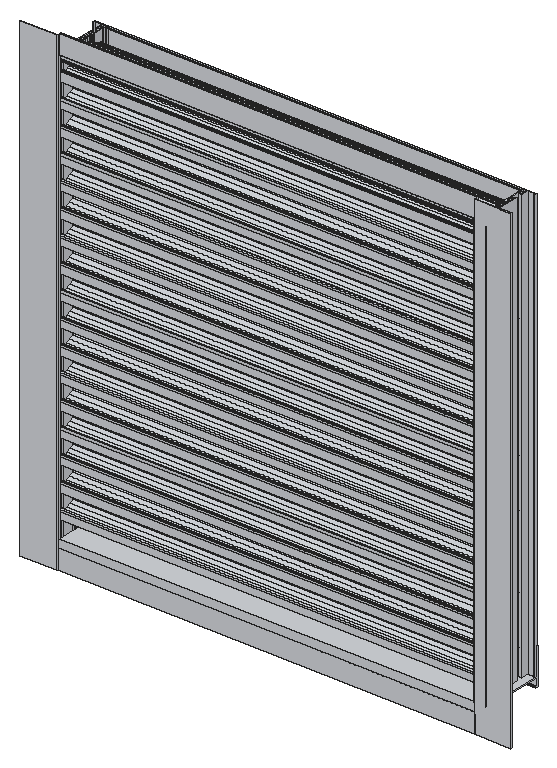
Revit family "BRSED-5.1", category Mechanical Equipment, Revit 2015
Parameters
  URL = "https://unitedenertech.com/catalog/pdf/A_19i%20BRSED-5.1.pdf"
  Type Comments = "Max. Single Section Size is (60\"w x 120\"h)"
  Model = "BRSED-5.1"
  Manufacturer = "United Enertech Corporation"
  Exact Width = 3' - 0"
  Exact Height = 3' - 0"
  Description = "Blast Resistant Stationary Louver"
  Depth = 0' - 5 3/32"
  Blade Spacing = 0' - 2"
  Blade Number [instance] = rounddown((Exact Height - 0' 2 7/16") / 0' 2")  # 16
  BW [instance] = Exact Width - 0' 2 1/8"  # 2' - 9 7/8"
Reference planes (in)
  plane 1 "Center (Front/Back)": y = 0
  plane 2: z = 0
  plane 3 "Center (Left/Right)": x = 0
  plane 4: x = -18
  plane 5: x = 18
  plane 6: z = 36
  plane 7: x = -16.9375
  plane 8: x = 16.9375
  plane 9: z = 0.75
  plane 10: y = 5.09375
  plane 11: z = 34.3209
  plane 12: x = -17
  plane 13: x = -20
  plane 14: x = 17
  plane 15: x = 20
  plane 16: z = 0.22357
  plane 17: z = -1.51843
  plane 18: z = 35.77077
  plane 19: z = 37.51277
Forms (in)
  Extrusion 1, solid
    sketch origin (-6.10759, 42.81218, 0) x (0, 1, 0) y (-1, 0, 0)
      loop
        line (-42.73018, 10.79991) -> (-42.73018, 11.54241) -> (-42.48018, 11.54241) -> (-42.48018, 10.82996) -> (-42.41736, 10.82996) -> (-42.41736, 11.15416) -> (-42.24218, 11.15416) -> (-42.24218, 10.82991) -> (-41.47643, 10.82991) -> (-41.47643, 11.15405) -> (-41.32043, 11.15405) -> (-41.32043, 10.82976) -> (-41.25793, 10.82976) -> (-41.25793, 11.15405) -> (-41.10193, 11.15405) -> (-41.10193, 10.82976) -> (-41.03943, 10.82976) -> (-41.03943, 11.15405) -> (-40.88343, 11.15405) -> (-40.88343, 10.82976) -> (-40.82093, 10.82976) -> (-40.82093, 11.15405) -> (-40.66493, 11.15405) -> (-40.66493, 10.82976) -> (-40.60243, 10.82976) -> (-40.60243, 11.15405) -> (-40.44643, 11.15405) -> (-40.44643, 10.82976) -> (-40.38393, 10.82976) -> (-40.38393, 11.15405) -> (-40.22793, 11.15405) -> (-40.22793, 10.82976) -> (-40.16543, 10.82976) -> (-40.16543, 11.15405) -> (-40.00943, 11.15405) -> (-40.00943, 10.82976) -> (-39.94693, 10.82976) -> (-39.94693, 11.15405) -> (-39.79093, 11.15405) -> (-39.79093, 10.82976) -> (-39.72843, 10.82976) -> (-39.72843, 11.15405) -> (-39.57243, 11.15405) -> (-39.57243, 10.82976) -> (-39.50993, 10.82976) -> (-39.50993, 11.15405) -> (-39.35393, 11.15405) -> (-39.35393, 10.82976) -> (-39.29143, 10.82976) -> (-39.29143, 11.15405) -> (-39.13543, 11.15405) -> (-39.13543, 10.82991) -> (-38.36968, 10.82991) -> (-38.36968, 11.15416) -> (-38.19449, 11.15416) -> (-38.19449, 10.82996) -> (-38.13168, 10.82996) -> (-38.13168, 11.15416) -> (-37.88918, 11.15416) -> (-37.88918, 10.79991) -> (-37.80718, 10.79991) -> (-37.80718, 11.89241) -> (-37.99468, 11.89241) -> (-37.99468, 11.81041) -> (-37.88918, 11.81041) -> (-37.88918, 11.23616) -> (-38.45168, 11.23616) -> (-38.45168, 10.9118) -> (-39.05343, 10.9118) -> (-39.05343, 11.23605) -> (-41.55843, 11.23605) -> (-41.55843, 10.91191) -> (-42.16018, 10.91191) -> (-42.16018, 11.23616) -> (-42.39818, 11.23616) -> (-42.39818, 11.54241) -> (-42.23018, 11.54241) -> (-42.23018, 11.86241) -> (-42.31218, 11.86241) -> (-42.31218, 11.79341) -> (-42.37318, 11.79341) -> (-42.37318, 11.71241) -> (-42.31218, 11.71241) -> (-42.31218, 11.62441) -> (-42.70918, 11.62441) -> (-42.70918, 11.71241) -> (-42.59618, 11.71241) -> (-42.59618, 11.79341) -> (-42.81218, 11.79341) -> (-42.81218, 10.79991) -> (-42.73018, 10.79991)
    from 0.75 to 36
  Extrusion 2, solid
    sketch origin (6.10759, 42.81218, 0) x (0, 1, 0) y (-1, 0, 0)
      loop
        line (-42.73018, -10.79991) -> (-42.81218, -10.79991) -> (-42.81218, -11.79341) -> (-42.59618, -11.79341) -> (-42.59618, -11.71241) -> (-42.70918, -11.71241) -> (-42.70918, -11.62441) -> (-42.31218, -11.62441) -> (-42.31218, -11.71241) -> (-42.37318, -11.71241) -> (-42.37318, -11.79341) -> (-42.31218, -11.79341) -> (-42.31218, -11.86241) -> (-42.23018, -11.86241) -> (-42.23018, -11.54241) -> (-42.39818, -11.54241) -> (-42.39818, -11.23616) -> (-42.16018, -11.23616) -> (-42.16018, -10.91191) -> (-41.55843, -10.91191) -> (-41.55843, -11.23605) -> (-39.05343, -11.23605) -> (-39.05343, -10.9118) -> (-38.45168, -10.9118) -> (-38.45168, -11.23616) -> (-37.88918, -11.23616) -> (-37.88918, -11.81041) -> (-37.99468, -11.81041) -> (-37.99468, -11.89241) -> (-37.80718, -11.89241) -> (-37.80718, -10.79991) -> (-37.88918, -10.79991) -> (-37.88918, -11.15416) -> (-38.13168, -11.15416) -> (-38.13168, -10.82996) -> (-38.19449, -10.82996) -> (-38.19449, -11.15416) -> (-38.36968, -11.15416) -> (-38.36968, -10.82991) -> (-39.13543, -10.82991) -> (-39.13543, -11.15405) -> (-39.29143, -11.15405) -> (-39.29143, -10.82976) -> (-39.35393, -10.82976) -> (-39.35393, -11.15405) -> (-39.50993, -11.15405) -> (-39.50993, -10.82976) -> (-39.57243, -10.82976) -> (-39.57243, -11.15405) -> (-39.72843, -11.15405) -> (-39.72843, -10.82976) -> (-39.79093, -10.82976) -> (-39.79093, -11.15405) -> (-39.94693, -11.15405) -> (-39.94693, -10.82976) -> (-40.00943, -10.82976) -> (-40.00943, -11.15405) -> (-40.16543, -11.15405) -> (-40.16543, -10.82976) -> (-40.22793, -10.82976) -> (-40.22793, -11.15405) -> (-40.38393, -11.15405) -> (-40.38393, -10.82976) -> (-40.44643, -10.82976) -> (-40.44643, -11.15405) -> (-40.60243, -11.15405) -> (-40.60243, -10.82976) -> (-40.66493, -10.82976) -> (-40.66493, -11.15405) -> (-40.82093, -11.15405) -> (-40.82093, -10.82976) -> (-40.88343, -10.82976) -> (-40.88343, -11.15405) -> (-41.03943, -11.15405) -> (-41.03943, -10.82976) -> (-41.10193, -10.82976) -> (-41.10193, -11.15405) -> (-41.25793, -11.15405) -> (-41.25793, -10.82976) -> (-41.32043, -10.82976) -> (-41.32043, -11.15405) -> (-41.47643, -11.15405) -> (-41.47643, -10.82991) -> (-42.24218, -10.82991) -> (-42.24218, -11.15416) -> (-42.41736, -11.15416) -> (-42.41736, -10.82996) -> (-42.48018, -10.82996) -> (-42.48018, -11.54241) -> (-42.73018, -11.54241) -> (-42.73018, -10.79991)
    from 0.75 to 36
  Extrusion 3, solid
    sketch origin (-26.58389, 42.58326, -5.10848) x (0, 1, 0) y (0, 0, 1)
      loop
        line (-37.48951, 8.10848) -> (-37.57151, 8.10848) -> (-37.57151, 5.85848) -> (-42.58326, 5.85848) -> (-42.58326, 5.17748) -> (-42.36726, 5.17748) -> (-42.36726, 5.25848) -> (-42.48026, 5.25848) -> (-42.48026, 5.34648) -> (-42.08326, 5.34648) -> (-42.08326, 5.25848) -> (-42.14426, 5.25848) -> (-42.14426, 5.17748) -> (-42.08326, 5.17748) -> (-42.08326, 5.10848) -> (-42.00126, 5.10848) -> (-42.00126, 5.42848) -> (-42.50126, 5.42848) -> (-42.50126, 5.77648) -> (-37.57151, 5.77648) -> (-37.57151, 5.19048) -> (-37.67701, 5.19048) -> (-37.67701, 5.10848) -> (-37.48951, 5.10848) -> (-37.48951, 8.10848)
    from 8.58389 to 44.58389
  Extrusion 4, solid
    sketch origin (0, -13.03373, 11.15188) x (0, 1, 0) y (0, 0, 1)
      loop
        line (18.04373, 24.84812) -> (17.85623, 24.84812) -> (17.85623, 24.76612) -> (17.96173, 24.76612) -> (17.96173, 23.47325) -> (17.77373, 23.47325) -> (17.28829, 23.75352) -> (17.32598, 23.84449) -> (17.31816, 23.93867) -> (17.26214, 24.00955) -> (17.19338, 24.03718) -> (17.09685, 24.02726) -> (16.90034, 24.18916) -> (16.41745, 24.34694) -> (16.33346, 24.42566) -> (16.21476, 24.52271) -> (16.07706, 24.59693) -> (15.95515, 24.63717) -> (15.83232, 24.65736) -> (15.72266, 24.65736) -> (15.60371, 24.64471) -> (15.4419, 24.59444) -> (15.26243, 24.48818) -> (15.15395, 24.38606) -> (15.03667, 24.25948) -> (14.84451, 24.09187) -> (14.62609, 23.94632) -> (14.56692, 23.92725) -> (14.53085, 23.93806) -> (14.45628, 23.98636) -> (14.31943, 24.05146) -> (14.18483, 24.09021) -> (14.04052, 24.10764) -> (13.86091, 24.10909) -> (13.69791, 24.14893) -> (13.52458, 24.24785) -> (13.39263, 24.38824) -> (13.31585, 24.52721) -> (13.80323, 24.52721) -> (13.80323, 24.84812) -> (13.72123, 24.84812) -> (13.72123, 24.77912) -> (13.66023, 24.77912) -> (13.66023, 24.69812) -> (13.72123, 24.69812) -> (13.72123, 24.61012) -> (13.32423, 24.61012) -> (13.32423, 24.69812) -> (13.43723, 24.69812) -> (13.43723, 24.77912) -> (13.22123, 24.77912) -> (13.22274, 24.55749) -> (13.26662, 24.44391) -> (13.35293, 24.30588) -> (13.47394, 24.18487) -> (13.62086, 24.09374) -> (13.79539, 24.03718) -> (13.95094, 24.02408) -> (14.12475, 24.01858) -> (14.30814, 23.96896) -> (14.43077, 23.90522) -> (14.4574, 23.8591) -> (14.24043, 23.77558) -> (14.05378, 23.70179) -> (13.85981, 23.60044) -> (13.67722, 23.47787) -> (13.51638, 23.34274) -> (13.36799, 23.18846) -> (13.30323, 23.11064) -> (13.30323, 23.64958) -> (13.32536, 23.68828) -> (13.35306, 23.71598) -> (13.30144, 23.7676) -> (13.25438, 23.73327) -> (13.22445, 23.68945) -> (13.22123, 23.57979) -> (13.22123, 22.86262) -> (13.42117, 23.12451) -> (13.59406, 23.2974) -> (13.77486, 23.44764) -> (13.92166, 23.54165) -> (14.0716, 23.61913) -> (14.24521, 23.69049) -> (14.60078, 23.83874) -> (14.85128, 23.99466) -> (15.07703, 24.18422) -> (15.29772, 24.41136) -> (15.51284, 24.53438) -> (15.68029, 24.57374) -> (15.82472, 24.57374) -> (16.0149, 24.53332) -> (16.1814, 24.44617) -> (16.30258, 24.33942) -> (16.36963, 24.27237) -> (16.85685, 24.11691) -> (17.10123, 23.91624) -> (17.15415, 23.95536) -> (17.2276, 23.93124) -> (17.24552, 23.86049) -> (17.21227, 23.81355) -> (17.16249, 23.78481) -> (17.19159, 23.71467) -> (17.75249, 23.39083) -> (17.96173, 23.39083) -> (17.96173, 23.069) -> (17.61878, 23.1609) -> (17.59731, 23.08077) -> (18.04373, 22.96115) -> (18.04373, 24.84812)
    from -16.9375 to 16.9375
  Extrusion 5, solid
    sketch origin (0, 0, 0) x (1, 0, 0) y (0, 1, 0)
      loop
        line (-20, 0) -> (-20, -0.09) -> (-17, -0.09) -> (-17, 0) -> (-20, 0)
    from -1.51843 to 37.51277
  Extrusion 6, solid
    sketch origin (0, 0, 0) x (-1, 0, 0) y (0, -1, 0)
      loop
        line (-20, 0) -> (-17, 0) -> (-17, 0.09) -> (-20, 0.09) -> (-20, 0)
    from -1.51843 to 37.51277
  Extrusion 7, solid
    sketch origin (-1.08906, -4.66713, 8.06966) x (0, 1, 0) y (0, 0, 1)
      loop
        line (4.74694, -9.58809) -> (4.74694, -8.11109) -> (5.15094, -8.11109) -> (5.15094, -8.01609) -> (5.09494, -8.01609) -> (5.09494, -7.91409) -> (5.15594, -7.91409) -> (5.15594, -7.84609) -> (4.84394, -7.84609) -> (4.84394, -7.91409) -> (4.89189, -7.91409) -> (4.89189, -8.00509) -> (4.66594, -8.00509) -> (4.66594, -9.58809) -> (4.74694, -9.58809)
    from -15.91094 to 18.08906
  Extrusion 8, solid
    sketch origin (-1.08906, -4.47701, 39.92468) x (0, 1, 0) y (0, 0, 1)
      loop
        line (4.74694, -2.41191) -> (4.66594, -2.41191) -> (4.66594, -3.99491) -> (4.89189, -3.99491) -> (4.89189, -4.08591) -> (4.84394, -4.08591) -> (4.84394, -4.15391) -> (5.15594, -4.15391) -> (5.15594, -4.08591) -> (5.09494, -4.08591) -> (5.09494, -3.98391) -> (5.15094, -3.98391) -> (5.15094, -3.88891) -> (4.74694, -3.88891) -> (4.74694, -2.41191)
    from -15.91094 to 18.08906
Dimensions and locks (in)
  equal spacing: plane 4, plane 3 "Center (Left/Right)", plane 5
  "Exact Width": plane 4 to plane 5
  "Exact Height": plane 6 to level
  locked: plane 4 to plane 7 at 1.0625
  locked: plane 8 to plane 5 at 1.0625
  locked: plane 9 to level at 0.75
  "Depth": plane 1 "Center (Front/Back)" to plane 10
  locked: plane 6 to plane 11 at 1.6791
  equal spacing: group 1, group 2, group 3, group 4, group 5, group 6, group 7, group 8, group 9, group 10, group 11, group 12, group 13, group 14, group 15, group 16  (x2)
  equal spacing: group 16, group 15, group 14, group 13, group 12, group 11, group 10, group 9, group 8, group 7, group 6, group 5, group 4, group 3, group 2, group 1
  "Blade Spacing": nested 1 to nested 2
  locked: plane 13 to plane 4 at 2
  locked: plane 4 to plane 12 at 1
  locked: plane 14 to plane 5 at 1
  locked: plane 5 to plane 15 at 2
  locked: plane 16 to level at 0.22357
  locked: level to plane 17 at 1.51843
  locked: plane 6 to plane 18 at 0.22923
  locked: plane 19 to plane 6 at 1.51277
  aligned and locked: level to plane 2
  aligned and locked: Extrusion 1 to plane 9
  aligned and locked: Extrusion 2 to plane 9
  aligned and locked: plane 5 to Extrusion 3
  aligned and locked: plane 4 to Extrusion 3
  aligned and locked: plane 6 to Extrusion 4
  aligned and locked: Extrusion 4 to plane 7
  aligned and locked: plane 8 to Extrusion 4
  aligned and locked: plane 6 to Extrusion 1
  aligned and locked: plane 6 to Extrusion 2
  aligned and locked: plane 3 "Center (Left/Right)" to nested 1
  aligned and locked: plane 11 to nested 1
  aligned and locked: nested 2 to nested 1
  aligned and locked: plane 13 to Extrusion 5 sketch curve
  aligned and locked: plane 12 to Extrusion 5 sketch curve
  aligned and locked: Extrusion 6 to plane 14
  aligned and locked: Extrusion 6 to plane 15
  aligned and locked: plane 16 to Extrusion 7
  aligned and locked: Extrusion 8 to plane 18
  aligned and locked: Extrusion 5 to plane 17
  aligned and locked: Extrusion 6 to plane 17
  aligned and locked: plane 19 to Extrusion 5
  aligned and locked: plane 19 to Extrusion 6
  aligned and locked: plane 14 to Extrusion 8
  aligned and locked: plane 12 to Extrusion 8
  aligned and locked: plane 12 to Extrusion 7
  aligned and locked: plane 14 to Extrusion 7
Automatic sketch dimensions
  plane 1 "Center (Front/Back)" to Extrusion 1 sketch curve = 0' - 0"
  Extrusion 1 sketch curve to plane 7 = 0' - 0"  (x2)
  Extrusion 1 sketch curve to plane 4 = 0' - 0"
  plane 7 to Extrusion 1 sketch curve = 0' - 0.03"  (x2)
  Extrusion 1 sketch curve to plane 1 "Center (Front/Back)" = 0' - 0.082"
  Extrusion 1 sketch curve to Extrusion 1 sketch curve = 0' - 0.021"
  Extrusion 1 sketch curve to Extrusion 1 sketch curve = 0' - 0.113"
  Extrusion 1 sketch curve to Extrusion 1 sketch curve = 0' - 0.116"
  Extrusion 1 sketch curve to Extrusion 1 sketch curve = 0' - 0.06281"  (x2)
  Extrusion 1 sketch curve to Extrusion 1 sketch curve = 0' - 0.082"  (x11)
  Extrusion 1 sketch curve to plane 4 = 0' - 0.099"
  Extrusion 1 sketch curve to Extrusion 1 sketch curve = 0' - 0.223"
  Extrusion 1 sketch curve to plane 4 = 0' - 0.03"
  Extrusion 1 sketch curve to Extrusion 1 sketch curve = 0' - 0.061"  (x2)
  Extrusion 1 sketch curve to Extrusion 1 sketch curve = 0' - 0.17519"  (x2)
  plane 12 to Extrusion 1 sketch curve = 0' - 0.0195"
  Extrusion 1 sketch curve to Extrusion 1 sketch curve = 0' - 0.60175"  (x2)
  Extrusion 1 sketch curve to Extrusion 1 sketch curve = 0' - 0.156"  (x11)
  plane 7 to Extrusion 1 sketch curve = 0' - 0.00016"  (x10)
  Extrusion 1 sketch curve to Extrusion 1 sketch curve = 0' - 0 1/16"  (x10)
  plane 12 to Extrusion 1 sketch curve = 0' - 0.01938"
  Extrusion 1 sketch curve to plane 7 = 0' - 0.00005"  (x2)
  Extrusion 1 sketch curve to plane 4 = 0' - 0.082"
  plane 10 to Extrusion 1 sketch curve = 0' - 0.27625"
  plane 10 to Extrusion 1 sketch curve = 0' - 0.17075"
  Extrusion 1 sketch curve to Extrusion 1 sketch curve = 0' - 0"  (x12)
  plane 12 to Extrusion 1 sketch curve = 0' - 0.26163"  (x2)
  plane 12 to Extrusion 1 sketch curve = 0' - 0.26175"
  Extrusion 1 sketch curve to Extrusion 1 sketch curve = 0' - 0.24225"
  Extrusion 1 sketch curve to Extrusion 1 sketch curve = 0' - 0.251"
  Extrusion 1 sketch curve to Extrusion 1 sketch curve = 0' - 0.088"
  Extrusion 1 sketch curve to Extrusion 1 sketch curve = 0' - 0.081"  (x2)
  plane 1 "Center (Front/Back)" to Extrusion 2 sketch curve = 0' - 0"
  Extrusion 2 sketch curve to plane 8 = 0' - 0"  (x2)
  Extrusion 2 sketch curve to plane 5 = 0' - 0"
  plane 8 to Extrusion 2 sketch curve = 0' - 0.03"  (x2)
  Extrusion 2 sketch curve to Extrusion 2 sketch curve = 0' - 0.082"  (x12)
  Extrusion 2 sketch curve to Extrusion 2 sketch curve = 0' - 0.021"
  Extrusion 2 sketch curve to Extrusion 2 sketch curve = 0' - 0.113"
  Extrusion 2 sketch curve to Extrusion 2 sketch curve = 0' - 0.116"
  Extrusion 2 sketch curve to Extrusion 2 sketch curve = 0' - 0.06281"  (x2)
  plane 5 to Extrusion 2 sketch curve = 0' - 0.099"
  Extrusion 2 sketch curve to Extrusion 2 sketch curve = 0' - 0.223"
  plane 5 to Extrusion 2 sketch curve = 0' - 0.03"
  Extrusion 2 sketch curve to Extrusion 2 sketch curve = 0' - 0.061"  (x2)
  Extrusion 2 sketch curve to Extrusion 2 sketch curve = 0' - 0.17519"  (x2)
  Extrusion 2 sketch curve to plane 14 = 0' - 0.0195"
  Extrusion 2 sketch curve to Extrusion 2 sketch curve = 0' - 0.60175"  (x2)
  Extrusion 2 sketch curve to Extrusion 2 sketch curve = 0' - 0.156"  (x11)
  plane 8 to Extrusion 2 sketch curve = 0' - 0.00016"  (x10)
  Extrusion 2 sketch curve to Extrusion 2 sketch curve = 0' - 0 1/16"  (x10)
  Extrusion 2 sketch curve to plane 14 = 0' - 0.01938"
  Extrusion 2 sketch curve to plane 8 = 0' - 0.00005"  (x2)
  plane 5 to Extrusion 2 sketch curve = 0' - 0.082"
  Extrusion 2 sketch curve to plane 10 = 0' - 0.27625"
  Extrusion 2 sketch curve to plane 10 = 0' - 0.17075"
  Extrusion 2 sketch curve to Extrusion 2 sketch curve = 0' - 0"  (x12)
  Extrusion 2 sketch curve to plane 14 = 0' - 0.26163"  (x2)
  Extrusion 2 sketch curve to plane 14 = 0' - 0.26175"
  Extrusion 2 sketch curve to Extrusion 2 sketch curve = 0' - 0.24225"
  Extrusion 2 sketch curve to Extrusion 2 sketch curve = 0' - 0.251"
  Extrusion 2 sketch curve to Extrusion 2 sketch curve = 0' - 0.088"
  Extrusion 2 sketch curve to Extrusion 2 sketch curve = 0' - 0.081"  (x2)
  Extrusion 3 sketch curve to plane 1 "Center (Front/Back)" = 0' - 0"
  Extrusion 3 sketch curve to level = 0' - 0"  (x2)
  plane 9 to Extrusion 3 sketch curve = 0' - 0"
  Extrusion 3 sketch curve to plane 10 = 0' - 0"
  Extrusion 3 sketch curve to plane 1 "Center (Front/Back)" = 0' - 0.082"
  plane 16 to Extrusion 3 sketch curve = 0' - 0.01443"
  Extrusion 3 sketch curve to Extrusion 3 sketch curve = 0' - 0.021"
  level to Extrusion 3 sketch curve = 0' - 0.069"  (x2)
  Extrusion 3 sketch curve to Extrusion 3 sketch curve = 0' - 0.113"
  Extrusion 3 sketch curve to plane 16 = 0' - 0.07357"  (x2)
  Extrusion 3 sketch curve to Extrusion 3 sketch curve = 0' - 0.223"
  Extrusion 3 sketch curve to Extrusion 3 sketch curve = 0' - 0.061"  (x2)
  Extrusion 3 sketch curve to Extrusion 3 sketch curve = 0' - 0.082"  (x4)
  Extrusion 3 sketch curve to Extrusion 3 sketch curve = 0' - 0 3/16"
  plane 10 to Extrusion 3 sketch curve = 0' - 0.082"
  Extrusion 3 sketch curve to plane 9 = 0' - 0.082"
  Extrusion 3 sketch curve to Extrusion 3 sketch curve = 0' - 2 1/4"
  Extrusion 4 sketch curve to plane 6 = 0' - 0"  (x2)
  Extrusion 4 sketch curve to plane 1 "Center (Front/Back)" = 0' - 0 3/16"  (x2)
  Extrusion 4 sketch curve to plane 6 = 0' - 0.069"  (x2)
  Extrusion 4 sketch curve to plane 1 "Center (Front/Back)" = 0' - 0.18901"
  Extrusion 4 sketch curve to Extrusion 4 sketch curve = 0' - 0.00322"
  Extrusion 4 sketch curve to Extrusion 4 sketch curve = 0' - 0.02993"
  Extrusion 4 sketch curve to Extrusion 4 sketch curve = 0' - 0.04388"
  Extrusion 4 sketch curve to Extrusion 4 sketch curve = 0' - 0.04706"
  Extrusion 4 sketch curve to Extrusion 4 sketch curve = 0' - 0.07878"
  Extrusion 4 sketch curve to Extrusion 4 sketch curve = 0' - 0.04923"
  Extrusion 4 sketch curve to Extrusion 4 sketch curve = 0' - 0.00838"
  Extrusion 4 sketch curve to Extrusion 4 sketch curve = 0' - 0.02213"
  Extrusion 4 sketch curve to Extrusion 4 sketch curve = 0' - 0.08631"
  Extrusion 4 sketch curve to Extrusion 4 sketch curve = 0' - 0.0277"  (x2)
  plane 11 to Extrusion 4 sketch curve = 0' - 0.01944"
  Extrusion 4 sketch curve to Extrusion 4 sketch curve = 0' - 0.06476"
  Extrusion 4 sketch curve to Extrusion 4 sketch curve = 0' - 0.0397"
  Extrusion 4 sketch curve to plane 11 = 0' - 0.04451"
  Extrusion 4 sketch curve to Extrusion 4 sketch curve = 0' - 0.05318"
  Extrusion 4 sketch curve to Extrusion 4 sketch curve = 0' - 0.113"
  Extrusion 4 sketch curve to Extrusion 4 sketch curve = 0' - 0.12101"  (x2)
  plane 11 to Extrusion 4 sketch curve = 0' - 0.17371"
  Extrusion 4 sketch curve to Extrusion 4 sketch curve = 0' - 0.14839"
  Extrusion 4 sketch curve to Extrusion 4 sketch curve = 0' - 0.05064"
  plane 11 to Extrusion 4 sketch curve = 0' - 0.12837"
  Extrusion 4 sketch curve to Extrusion 4 sketch curve = 0' - 0.07768"
  Extrusion 4 sketch curve to Extrusion 4 sketch curve = 0' - 0.14692"
  Extrusion 4 sketch curve to Extrusion 4 sketch curve = 0' - 0.223"
  plane 11 to Extrusion 4 sketch curve = 0' - 0.30885"
  Extrusion 4 sketch curve to Extrusion 4 sketch curve = 0' - 0.08317"
  Extrusion 4 sketch curve to Extrusion 4 sketch curve = 0' - 0.07705"
  Extrusion 4 sketch curve to Extrusion 4 sketch curve = 0' - 0.061"  (x2)
  plane 11 to Extrusion 4 sketch curve = 0' - 0.27862"
  Extrusion 4 sketch curve to Extrusion 4 sketch curve = 0' - 0 25/256"
  Extrusion 4 sketch curve to Extrusion 4 sketch curve = 0' - 0.09748"
  Extrusion 4 sketch curve to Extrusion 4 sketch curve = 0' - 0.082"
  Extrusion 4 sketch curve to Extrusion 4 sketch curve = 0' - 0.08495"
  Extrusion 4 sketch curve to Extrusion 4 sketch curve = 0' - 0.06552"
  plane 11 to Extrusion 4 sketch curve = 0' - 0.37263"
  Extrusion 4 sketch curve to Extrusion 4 sketch curve = 0' - 0.06185"
  Extrusion 4 sketch curve to Extrusion 4 sketch curve = 0' - 0.09003"
  Extrusion 4 sketch curve to Extrusion 4 sketch curve = 0' - 0.08959"
  Extrusion 4 sketch curve to Extrusion 4 sketch curve = 0' - 0.13212"
  plane 11 to Extrusion 4 sketch curve = 0' - 0.4501"
  Extrusion 4 sketch curve to Extrusion 4 sketch curve = 0' - 0.01782"
  Extrusion 4 sketch curve to Extrusion 4 sketch curve = 0' - 0.08423"
  Extrusion 4 sketch curve to Extrusion 4 sketch curve = 0' - 0.06008"
  Extrusion 4 sketch curve to Extrusion 4 sketch curve = 0' - 0.18665"
  plane 11 to Extrusion 4 sketch curve = 0' - 0.52147"
  Extrusion 4 sketch curve to Extrusion 4 sketch curve = 0' - 0.00478"
  Extrusion 4 sketch curve to Extrusion 4 sketch curve = 0' - 0.12331"
  Extrusion 4 sketch curve to Extrusion 4 sketch curve = 0' - 0.01129"
  Extrusion 4 sketch curve to Extrusion 4 sketch curve = 0' - 0.12263"
  Extrusion 4 sketch curve to Extrusion 4 sketch curve = 0' - 0.02551"
  plane 11 to Extrusion 4 sketch curve = 0' - 0.69008"
  Extrusion 4 sketch curve to Extrusion 4 sketch curve = 0' - 0.02663"
  Extrusion 4 sketch curve to Extrusion 4 sketch curve = 0' - 0.07456"
  plane 11 to Extrusion 4 sketch curve = 0' - 0.75822"
  Extrusion 4 sketch curve to Extrusion 4 sketch curve = 0' - 0.03607"
  plane 11 to Extrusion 4 sketch curve = 0' - 0.66972"
  Extrusion 4 sketch curve to Extrusion 4 sketch curve = 0' - 0.03386"
  plane 11 to Extrusion 4 sketch curve = 0' - 0.7773"
  Extrusion 4 sketch curve to Extrusion 4 sketch curve = 0' - 0.05917"
  Extrusion 4 sketch curve to plane 6 = 0' - 0.75625"
  Extrusion 4 sketch curve to Extrusion 4 sketch curve = 0' - 0.21842"
  plane 11 to Extrusion 4 sketch curve = 0' - 0.82563"
  Extrusion 4 sketch curve to Extrusion 4 sketch curve = 0' - 0.00678"
  Extrusion 4 sketch curve to plane 6 = 0' - 0.58864"
  Extrusion 4 sketch curve to Extrusion 4 sketch curve = 0' - 0.19216"
  Extrusion 4 sketch curve to plane 6 = 0' - 0.6639"
  Extrusion 4 sketch curve to Extrusion 4 sketch curve = 0' - 0.04036"
  Extrusion 4 sketch curve to plane 6 = 0' - 0.46206"
  Extrusion 4 sketch curve to Extrusion 4 sketch curve = 0' - 0.11728"
  Extrusion 4 sketch curve to plane 6 = 0' - 0.35994"
  Extrusion 4 sketch curve to Extrusion 4 sketch curve = 0' - 0.10848"
  Extrusion 4 sketch curve to plane 6 = 0' - 0.43676"
  Extrusion 4 sketch curve to Extrusion 4 sketch curve = 0' - 0.03529"
  Extrusion 4 sketch curve to plane 6 = 0' - 0.25368"
  Extrusion 4 sketch curve to Extrusion 4 sketch curve = 0' - 0.17947"
  Extrusion 4 sketch curve to plane 6 = 0' - 0.31374"
  Extrusion 4 sketch curve to Extrusion 4 sketch curve = 0' - 0.07094"
  Extrusion 4 sketch curve to plane 6 = 0' - 0.20341"
  Extrusion 4 sketch curve to Extrusion 4 sketch curve = 0' - 0.09086"
  Extrusion 4 sketch curve to Extrusion 4 sketch curve = 0' - 0.07658"
  Extrusion 4 sketch curve to plane 6 = 0' - 0.19076"
  Extrusion 4 sketch curve to Extrusion 4 sketch curve = 0' - 0.04238"
  Extrusion 4 sketch curve to plane 6 = 0' - 0.27438"
  Extrusion 4 sketch curve to Extrusion 4 sketch curve = 0' - 0.10206"
  Extrusion 4 sketch curve to Extrusion 4 sketch curve = 0' - 0.0076"
  Extrusion 4 sketch curve to plane 6 = 0' - 0 27/128"
  Extrusion 4 sketch curve to Extrusion 4 sketch curve = 0' - 0.12283"
  Extrusion 4 sketch curve to plane 6 = 0' - 0.3148"
  Extrusion 4 sketch curve to Extrusion 4 sketch curve = 0' - 0.05975"
  Extrusion 4 sketch curve to plane 6 = 0' - 0.25119"
  Extrusion 4 sketch curve to Extrusion 4 sketch curve = 0' - 0.06216"
  Extrusion 4 sketch curve to plane 6 = 0' - 0.40195"
  Extrusion 4 sketch curve to Extrusion 4 sketch curve = 0' - 0.10434"
  Extrusion 4 sketch curve to plane 6 = 0' - 0.32541"
  Extrusion 4 sketch curve to Extrusion 4 sketch curve = 0' - 0.03336"
  Extrusion 4 sketch curve to plane 6 = 0' - 0.5087"
  Extrusion 4 sketch curve to Extrusion 4 sketch curve = 0' - 0.12118"
  Extrusion 4 sketch curve to plane 6 = 0' - 0.42246"
  Extrusion 4 sketch curve to Extrusion 4 sketch curve = 0' - 0.03088"
  Extrusion 4 sketch curve to plane 6 = 0' - 0.57575"
  Extrusion 4 sketch curve to Extrusion 4 sketch curve = 0' - 0.06705"
  Extrusion 4 sketch curve to plane 6 = 0' - 0.50118"
  Extrusion 4 sketch curve to Extrusion 4 sketch curve = 0' - 0.04783"
  Extrusion 4 sketch curve to Extrusion 4 sketch curve = 0' - 0.4394"
  Extrusion 4 sketch curve to Extrusion 4 sketch curve = 0' - 0.04349"
  Extrusion 4 sketch curve to Extrusion 4 sketch curve = 0' - 0.19651"
  Extrusion 4 sketch curve to Extrusion 4 sketch curve = 0' - 0.00438"
  Extrusion 4 sketch curve to Extrusion 4 sketch curve = 0' - 0.05292"
  Extrusion 4 sketch curve to Extrusion 4 sketch curve = 0' - 0.06126"
  Extrusion 4 sketch curve to Extrusion 4 sketch curve = 0' - 0.0291"
  Extrusion 4 sketch curve to Extrusion 4 sketch curve = 0' - 0.03923"
  Extrusion 4 sketch curve to Extrusion 4 sketch curve = 0' - 0.04978"
  Extrusion 4 sketch curve to Extrusion 4 sketch curve = 0' - 0.07344"
  Extrusion 4 sketch curve to Extrusion 4 sketch curve = 0' - 0.03325"
  Extrusion 4 sketch curve to Extrusion 4 sketch curve = 0' - 0.06875"
  Extrusion 4 sketch curve to Extrusion 4 sketch curve = 0' - 0.07603"
  Extrusion 4 sketch curve to Extrusion 4 sketch curve = 0' - 0.05603"
  Extrusion 4 sketch curve to Extrusion 4 sketch curve = 0' - 0.08046"
  Extrusion 4 sketch curve to plane 11 = 0' - 0.08826"
  plane 10 to Extrusion 4 sketch curve = 0' - 0.53017"
  Extrusion 4 sketch curve to plane 11 = 0' - 0.00813"
  Extrusion 4 sketch curve to Extrusion 4 sketch curve = 0' - 0.02147"
  Extrusion 4 sketch curve to Extrusion 4 sketch curve = 0' - 0.13371"
  Extrusion 4 sketch curve to Extrusion 4 sketch curve = 0' - 0.02124"
  Extrusion 4 sketch curve to plane 6 = 0' - 0.082"
  plane 10 to Extrusion 4 sketch curve = 0' - 0.27125"
  plane 10 to Extrusion 4 sketch curve = 0' - 0.16575"
  Extrusion 4 sketch curve to Extrusion 4 sketch curve = 0' - 0"
  plane 10 to Extrusion 4 sketch curve = 0' - 0.08375"
  Extrusion 4 sketch curve to plane 11 = 0' - 0.30641"
  Extrusion 4 sketch curve to plane 11 = 0' - 0.05838"
  plane 11 to Extrusion 4 sketch curve = 0' - 0.22181"
  Extrusion 4 sketch curve to Extrusion 4 sketch curve = 0' - 0.08242"
  Extrusion 4 sketch curve to Extrusion 4 sketch curve = 0' - 0.23705"
  Extrusion 4 sketch curve to Extrusion 4 sketch curve = 0' - 0.05879"
  Extrusion 4 sketch curve to Extrusion 4 sketch curve = 0' - 0.06979"
  Extrusion 4 sketch curve to Extrusion 4 sketch curve = 0' - 0.0387"
  Extrusion 4 sketch curve to Extrusion 4 sketch curve = 0' - 0.03986"
  Extrusion 4 sketch curve to Extrusion 4 sketch curve = 0' - 0.08266"
  plane 11 to Extrusion 4 sketch curve = 0' - 0.54565"
  Extrusion 4 sketch curve to Extrusion 4 sketch curve = 0' - 0.04382"
  Extrusion 4 sketch curve to Extrusion 4 sketch curve = 0' - 0.03885"
  Extrusion 4 sketch curve to Extrusion 4 sketch curve = 0' - 0.08509"
  Extrusion 4 sketch curve to Extrusion 4 sketch curve = 0' - 0.07014"
  Extrusion 4 sketch curve to Extrusion 4 sketch curve = 0' - 0.02874"
  Extrusion 4 sketch curve to Extrusion 4 sketch curve = 0' - 0.09097"
  Extrusion 4 sketch curve to Extrusion 4 sketch curve = 0' - 0.04693"
  Extrusion 4 sketch curve to Extrusion 4 sketch curve = 0' - 0.04612"
  Extrusion 4 sketch curve to Extrusion 4 sketch curve = 0' - 0.13143"
  Extrusion 4 sketch curve to Extrusion 4 sketch curve = 0' - 0.07075"
  Extrusion 4 sketch curve to Extrusion 4 sketch curve = 0' - 0.01081"
  Extrusion 4 sketch curve to Extrusion 4 sketch curve = 0' - 0.00743"
  Extrusion 4 sketch curve to Extrusion 4 sketch curve = 0' - 0.03912"
  Extrusion 4 sketch curve to Extrusion 4 sketch curve = 0' - 0.06374"
  Extrusion 4 sketch curve to Extrusion 4 sketch curve = 0' - 0.08114"
  Extrusion 4 sketch curve to Extrusion 4 sketch curve = 0' - 0.07832"
  Extrusion 4 sketch curve to Extrusion 4 sketch curve = 0' - 0.04962"
  Extrusion 4 sketch curve to Extrusion 4 sketch curve = 0' - 0.0055"
  Extrusion 4 sketch curve to Extrusion 4 sketch curve = 0' - 0.07189"
  Extrusion 4 sketch curve to Extrusion 4 sketch curve = 0' - 0.02762"
  Extrusion 4 sketch curve to Extrusion 4 sketch curve = 0' - 0.0131"
  Extrusion 4 sketch curve to Extrusion 4 sketch curve = 0' - 0.0825"
  Extrusion 4 sketch curve to Extrusion 4 sketch curve = 0' - 0.07164"
  Extrusion 4 sketch curve to Extrusion 4 sketch curve = 0' - 0.05656"
  Extrusion 4 sketch curve to Extrusion 4 sketch curve = 0' - 0.08356"
  Extrusion 4 sketch curve to Extrusion 4 sketch curve = 0' - 0.0719"
  Extrusion 4 sketch curve to Extrusion 4 sketch curve = 0' - 0.08965"
  Extrusion 4 sketch curve to Extrusion 4 sketch curve = 0' - 0.0552"
  Extrusion 4 sketch curve to Extrusion 4 sketch curve = 0' - 0.09113"
  Extrusion 4 sketch curve to Extrusion 4 sketch curve = 0' - 0.07225"
  Extrusion 4 sketch curve to Extrusion 4 sketch curve = 0' - 0.06298"
  Extrusion 4 sketch curve to Extrusion 4 sketch curve = 0' - 0.08236"
  Extrusion 4 sketch curve to Extrusion 4 sketch curve = 0' - 0.05567"
  Extrusion 4 sketch curve to Extrusion 4 sketch curve = 0' - 0.08329"
  Extrusion 4 sketch curve to Extrusion 4 sketch curve = 0' - 0.03028"
  Extrusion 4 sketch curve to Extrusion 4 sketch curve = 0' - 0.08291"
  Extrusion 4 sketch curve to Extrusion 4 sketch curve = 0' - 0.088"
  Extrusion 4 sketch curve to Extrusion 4 sketch curve = 0' - 0.081"
  plane 1 "Center (Front/Back)" to Extrusion 5 sketch curve = 0' - 0"
  plane 1 "Center (Front/Back)" to Extrusion 5 sketch curve = 0' - 0.09"
  plane 1 "Center (Front/Back)" to Extrusion 6 sketch curve = 0' - 0"
  Extrusion 6 sketch curve to plane 15 = 0' - 0"
  Extrusion 6 sketch curve to plane 14 = 0' - 0"
  Extrusion 6 sketch curve to plane 1 "Center (Front/Back)" = 0' - 0.09"
  Extrusion 7 sketch curve to plane 17 = 0' - 0"
  Extrusion 7 sketch curve to plane 16 = 0' - 0"
  plane 1 "Center (Front/Back)" to Extrusion 7 sketch curve = 0' - 0.00119"
  Extrusion 7 sketch curve to plane 1 "Center (Front/Back)" = 0' - 0.07981"
  Extrusion 7 sketch curve to plane 1 "Center (Front/Back)" = 0' - 0.17681"
  Extrusion 7 sketch curve to Extrusion 7 sketch curve = 0' - 0.04795"
  level to Extrusion 7 sketch curve = 0' - 0.05357"
  Extrusion 7 sketch curve to Extrusion 7 sketch curve = 0' - 0.20305"
  Extrusion 7 sketch curve to level = 0' - 0.04143"
  Extrusion 7 sketch curve to Extrusion 7 sketch curve = 0' - 0.056"
  Extrusion 7 sketch curve to Extrusion 7 sketch curve = 0' - 0.061"
  level to Extrusion 7 sketch curve = 0' - 0.06457"
  Extrusion 7 sketch curve to plane 16 = 0' - 0.068"  (x2)
  Extrusion 8 sketch curve to plane 1 "Center (Front/Back)" = 0' - 0.18893"
  Extrusion 8 sketch curve to plane 1 "Center (Front/Back)" = 0' - 0.26993"
  Extrusion 8 sketch curve to plane 1 "Center (Front/Back)" = 0' - 0.36693"
  Extrusion 8 sketch curve to Extrusion 8 sketch curve = 0' - 0.04795"
  Extrusion 8 sketch curve to Extrusion 8 sketch curve = 0' - 0.20305"
  Extrusion 8 sketch curve to Extrusion 8 sketch curve = 0' - 0.056"
  Extrusion 8 sketch curve to Extrusion 8 sketch curve = 0' - 0.061"
  plane 9 to Extrusion 8 sketch curve = 2' - 11.02077"
  Extrusion 8 sketch curve to Extrusion 8 sketch curve = 0' - 0.068"  (x2)
  Extrusion 8 sketch curve to Extrusion 8 sketch curve = 0' - 0.091"
  Extrusion 8 sketch curve to Extrusion 8 sketch curve = 0' - 0.102"
  Extrusion 8 sketch curve to Extrusion 8 sketch curve = 0' - 0.095"
  Extrusion 8 sketch curve to Extrusion 8 sketch curve = 0' - 1.477"
Nested families (in)
  nested 1: "DC BLADE" at (0, 0.27409, 27.18024), type "DC BLADE"
    with Blade Width 2' - 9 7/8"
  nested 2: "DC BLADE" at (0, 0.27409, 25.18024), type "DC BLADE"
    with Blade Width 2' - 9 7/8"
  nested 3: "DC BLADE" at (0, 0.27409, 23.18024), type "DC BLADE"
    with Blade Width 2' - 9 7/8"
  nested 4: "DC BLADE" at (0, 0.27409, 21.18024), type "DC BLADE"
    with Blade Width 2' - 9 7/8"
  nested 5: "DC BLADE" at (0, 0.27409, 19.18024), type "DC BLADE"
    with Blade Width 2' - 9 7/8"
  nested 6: "DC BLADE" at (0, 0.27409, 17.18024), type "DC BLADE"
    with Blade Width 2' - 9 7/8"
  nested 7: "DC BLADE" at (0, 0.27409, 15.18024), type "DC BLADE"
    with Blade Width 2' - 9 7/8"
  nested 8: "DC BLADE" at (0, 0.27409, 13.18024), type "DC BLADE"
    with Blade Width 2' - 9 7/8"
  nested 9: "DC BLADE" at (0, 0.27409, 11.18024), type "DC BLADE"
    with Blade Width 2' - 9 7/8"
  nested 10: "DC BLADE" at (0, 0.27409, 9.18024), type "DC BLADE"
    with Blade Width 2' - 9 7/8"
  nested 11: "DC BLADE" at (0, 0.27409, 7.18024), type "DC BLADE"
    with Blade Width 2' - 9 7/8"
  nested 12: "DC BLADE" at (0, 0.27409, 5.18024), type "DC BLADE"
    with Blade Width 2' - 9 7/8"
  nested 13: "DC BLADE" at (0, 0.27409, 3.18024), type "DC BLADE"
    with Blade Width 2' - 9 7/8"
  nested 14: "DC BLADE" at (0, 0.27409, 1.18024), type "DC BLADE"
    with Blade Width 2' - 9 7/8"
  nested 15: "DC BLADE" at (0, 0.27409, -0.81976), type "DC BLADE"
    with Blade Width 2' - 9 7/8"
  nested 16: "DC BLADE" at (0, 0.27409, -2.81976), type "DC BLADE"
    with Blade Width 2' - 9 7/8"
Definition of nested family "DC BLADE"
  Parameters (values of type "DC BLADE")
    Blade Width = 1' - 0"
  Reference planes (in)
    plane 1 "Center (Front/Back)": y = 0
    plane 2: z = 0
    plane 3 "Center (Left/Right)": x = 0
    plane 4: x = -6
    plane 5: x = 6
  Forms (in)
    Extrusion 1, solid
      sketch origin (-3.11145, -1.95878, 3.60224) x (0, 1, 0) y (0, 0, 1)
        loop
          line (1.87219, 1.87187) -> (1.87219, 1.2571) -> (2.06672, 1.51261) -> (2.18499, 1.6405) -> (2.31306, 1.75604) -> (2.43525, 1.84874) -> (2.57262, 1.93614) -> (2.71602, 2.01111) -> (2.86084, 2.07216) -> (3.1674, 2.18068) -> (3.39621, 2.28558) -> (3.68569, 2.45682) -> (3.93298, 2.63431) -> (4.08397, 2.71024) -> (4.24018, 2.75715) -> (4.38522, 2.77603) -> (4.46413, 2.77603) -> (4.56111, 2.76905) -> (4.68135, 2.74514) -> (4.79695, 2.70625) -> (4.96988, 2.62734) -> (5.33818, 2.50951) -> (5.70649, 2.39168) -> (5.84437, 2.34774) -> (5.89473, 2.29796) -> (5.89134, 2.24038) -> (5.84933, 2.19836) -> (5.81213, 2.17689) -> (5.84254, 2.10916) -> (6.40272, 1.78574) -> (6.61269, 1.78574) -> (6.61269, 1.4625) -> (6.27169, 1.55387) -> (6.25047, 1.47467) -> (6.69469, 1.35564) -> (6.69469, 2.05302) -> (6.68008, 2.11738) -> (6.65333, 2.15607) -> (6.62122, 2.18149) -> (6.53903, 2.2222) -> (6.50255, 2.14855) -> (6.58294, 2.10874) -> (6.61089, 2.06846) -> (6.61269, 2.01503) -> (6.61269, 1.86774) -> (6.42469, 1.86774) -> (5.92694, 2.15512) -> (5.96738, 2.20954) -> (5.98069, 2.27342) -> (5.96862, 2.33439) -> (5.9314, 2.38893) -> (5.8623, 2.43074) -> (5.38931, 2.65461) -> (5.18474, 2.82884) -> (5.03354, 3.00302) -> (4.9484, 3.15114) -> (4.849, 3.32051) -> (4.75855, 3.42333) -> (4.64559, 3.49207) -> (4.54543, 3.52673) -> (4.48103, 3.53842) -> (4.36563, 3.53842) -> (4.22062, 3.50816) -> (4.11167, 3.45399) -> (4.02449, 3.3907) -> (4.06163, 3.32637) -> (4.18646, 3.40508) -> (4.30991, 3.45078) -> (4.3715, 3.4602) -> (4.47693, 3.36623) -> (4.45176, 3.42113) -> (4.46338, 3.45929) -> (4.56233, 3.4381) -> (4.68049, 3.38031) -> (4.77113, 3.29034) -> (4.91362, 3.03234) -> (5.09244, 2.81068) -> (5.23994, 2.67324) -> (5.33809, 2.59458) -> (5.22022, 2.6323) -> (4.99457, 2.70449) -> (4.82295, 2.78312) -> (4.65605, 2.83459) -> (4.51347, 2.85541) -> (4.39666, 2.85541) -> (4.30036, 2.84949) -> (4.19906, 2.83185) -> (4.23185, 2.92148) -> (4.17437, 2.86789) -> (4.11913, 2.80883) -> (4.00568, 2.7649) -> (3.87448, 2.69315) -> (3.63447, 2.51976) -> (3.39896, 2.37832) -> (3.11473, 2.24724) -> (2.75125, 2.11671) -> (2.44263, 1.95256) -> (2.27933, 1.83431) -> (2.11431, 1.68582) -> (2.01481, 1.57814) -> (1.95419, 1.50431) -> (1.95419, 2.01507) -> (1.98008, 2.05754) -> (2.00615, 2.0836) -> (1.95175, 2.13229) -> (1.91264, 2.10606) -> (1.87219, 2.03247) -> (1.87219, 1.87187)
      from -2.88855 to 9.11145
  Dimensions and locks (in)
    equal spacing: plane 4, plane 3 "Center (Left/Right)", plane 5
    "Blade Width": plane 4 to plane 5
    aligned and locked: level to plane 2
    aligned and locked: plane 4 to Extrusion 1
    aligned and locked: plane 5 to Extrusion 1
  Automatic sketch dimensions
    plane 1 "Center (Front/Back)" to Extrusion 1 sketch curve = 0' - 0.08659"
    plane 1 "Center (Front/Back)" to Extrusion 1 sketch curve = 0' - 0.04613"
    plane 1 "Center (Front/Back)" to Extrusion 1 sketch curve = 0' - 0.00703"
    plane 1 "Center (Front/Back)" to Extrusion 1 sketch curve = 0' - 0.00459"
    Extrusion 1 sketch curve to plane 1 "Center (Front/Back)" = 0' - 0.0213"
    Extrusion 1 sketch curve to Extrusion 1 sketch curve = 0' - 0.02607"  (x2)
    Extrusion 1 sketch curve to plane 1 "Center (Front/Back)" = 0' - 0.05603"
    Extrusion 1 sketch curve to Extrusion 1 sketch curve = 0' - 0.05191"
    Extrusion 1 sketch curve to Extrusion 1 sketch curve = 0' - 0.09949"
    Extrusion 1 sketch curve to Extrusion 1 sketch curve = 0' - 0.07069"
    Extrusion 1 sketch curve to Extrusion 1 sketch curve = 0' - 0.09434"
    Extrusion 1 sketch curve to Extrusion 1 sketch curve = 0' - 0.03373"
    Extrusion 1 sketch curve to Extrusion 1 sketch curve = 0' - 0.12219"
    Extrusion 1 sketch curve to Extrusion 1 sketch curve = 0' - 0.00738"
    Extrusion 1 sketch curve to Extrusion 1 sketch curve = 0' - 0.12999"
    Extrusion 1 sketch curve to Extrusion 1 sketch curve = 0' - 0.1434"
    Extrusion 1 sketch curve to Extrusion 1 sketch curve = 0' - 0.03523"
    Extrusion 1 sketch curve to Extrusion 1 sketch curve = 0' - 0.10959"
    Extrusion 1 sketch curve to Extrusion 1 sketch curve = 0' - 0 65/256"
    Extrusion 1 sketch curve to Extrusion 1 sketch curve = 0' - 0.05267"
    Extrusion 1 sketch curve to Extrusion 1 sketch curve = 0' - 0.22882"
    Extrusion 1 sketch curve to Extrusion 1 sketch curve = 0' - 0.00275"
    Extrusion 1 sketch curve to Extrusion 1 sketch curve = 0' - 0.23551"
    Extrusion 1 sketch curve to Extrusion 1 sketch curve = 0' - 0.05122"
    Extrusion 1 sketch curve to Extrusion 1 sketch curve = 0' - 0.24001"
    Extrusion 1 sketch curve to Extrusion 1 sketch curve = 0' - 0.0585"
    Extrusion 1 sketch curve to Extrusion 1 sketch curve = 0' - 0.0727"
    Extrusion 1 sketch curve to Extrusion 1 sketch curve = 0' - 0.0188"
    Extrusion 1 sketch curve to Extrusion 1 sketch curve = 0' - 0.03714"
    Extrusion 1 sketch curve to Extrusion 1 sketch curve = 0' - 0.07829"
    Extrusion 1 sketch curve to Extrusion 1 sketch curve = 0' - 0.08718"
    Extrusion 1 sketch curve to Extrusion 1 sketch curve = 0' - 0 9/256"
    Extrusion 1 sketch curve to Extrusion 1 sketch curve = 0' - 0.05523"
    Extrusion 1 sketch curve to Extrusion 1 sketch curve = 0' - 0.07479"
    Extrusion 1 sketch curve to Extrusion 1 sketch curve = 0' - 0.0247"
    Extrusion 1 sketch curve to Extrusion 1 sketch curve = 0' - 0.03415"
    Extrusion 1 sketch curve to Extrusion 1 sketch curve = 0' - 0.05749"
    Extrusion 1 sketch curve to Extrusion 1 sketch curve = 0' - 0.04111"
    Extrusion 1 sketch curve to Extrusion 1 sketch curve = 0' - 0.0685"
    Extrusion 1 sketch curve to Extrusion 1 sketch curve = 0' - 0.08929"
    Extrusion 1 sketch curve to Extrusion 1 sketch curve = 0' - 0.05572"
    Extrusion 1 sketch curve to Extrusion 1 sketch curve = 0' - 0.0616"
    Extrusion 1 sketch curve to Extrusion 1 sketch curve = 0' - 0.08486"
    Extrusion 1 sketch curve to Extrusion 1 sketch curve = 0' - 0.01145"
    Extrusion 1 sketch curve to Extrusion 1 sketch curve = 0' - 0.08026"
    Extrusion 1 sketch curve to Extrusion 1 sketch curve = 0' - 0.01162"
    Extrusion 1 sketch curve to Extrusion 1 sketch curve = 0' - 0.07891"  (x2)
    Extrusion 1 sketch curve to Extrusion 1 sketch curve = 0' - 0.02517"
    Extrusion 1 sketch curve to Extrusion 1 sketch curve = 0' - 0.01765"
    Extrusion 1 sketch curve to Extrusion 1 sketch curve = 0' - 0.04935"
    Extrusion 1 sketch curve to Extrusion 1 sketch curve = 0' - 0.0644"
    Extrusion 1 sketch curve to Extrusion 1 sketch curve = 0' - 0.09698"
    Extrusion 1 sketch curve to Extrusion 1 sketch curve = 0' - 0.01691"
    Extrusion 1 sketch curve to Extrusion 1 sketch curve = 0' - 0.08326"
    Extrusion 1 sketch curve to Extrusion 1 sketch curve = 0' - 0.09494"
    Extrusion 1 sketch curve to Extrusion 1 sketch curve = 0' - 0.0349"
    Extrusion 1 sketch curve to Extrusion 1 sketch curve = 0' - 0.0253"
    Extrusion 1 sketch curve to Extrusion 1 sketch curve = 0' - 0.07806"
    Extrusion 1 sketch curve to Extrusion 1 sketch curve = 0' - 0.09064"
    Extrusion 1 sketch curve to Extrusion 1 sketch curve = 0' - 0.1156"
    Extrusion 1 sketch curve to Extrusion 1 sketch curve = 0' - 0.026"
    Extrusion 1 sketch curve to Extrusion 1 sketch curve = 0' - 0.07787"
    Extrusion 1 sketch curve to Extrusion 1 sketch curve = 0' - 0.09067"
    Extrusion 1 sketch curve to Extrusion 1 sketch curve = 0' - 0.03478"
    Extrusion 1 sketch curve to Extrusion 1 sketch curve = 0' - 0.17293"
    Extrusion 1 sketch curve to Extrusion 1 sketch curve = 0' - 0.02468"
    Extrusion 1 sketch curve to Extrusion 1 sketch curve = 0' - 0.11992"
    Extrusion 1 sketch curve to Extrusion 1 sketch curve = 0' - 0.09788"
    Extrusion 1 sketch curve to Extrusion 1 sketch curve = 0' - 0.0923"
    Extrusion 1 sketch curve to Extrusion 1 sketch curve = 0' - 0.03547"
    Extrusion 1 sketch curve to Extrusion 1 sketch curve = 0' - 0.01973"
    Extrusion 1 sketch curve to Extrusion 1 sketch curve = 0' - 0.11788"
    Extrusion 1 sketch curve to Extrusion 1 sketch curve = 0' - 0.00009"
    Extrusion 1 sketch curve to Extrusion 1 sketch curve = 0' - 0.05121"
    Extrusion 1 sketch curve to Extrusion 1 sketch curve = 0' - 0.3683"
    Extrusion 1 sketch curve to Extrusion 1 sketch curve = 0' - 0.10565"
    Extrusion 1 sketch curve to Extrusion 1 sketch curve = 0' - 0.03041"
    Extrusion 1 sketch curve to Extrusion 1 sketch curve = 0' - 0.13789"
    Extrusion 1 sketch curve to Extrusion 1 sketch curve = 0' - 0.03719"
    Extrusion 1 sketch curve to Extrusion 1 sketch curve = 0' - 0.01793"
    Extrusion 1 sketch curve to Extrusion 1 sketch curve = 0' - 0.04202"  (x2)
    Extrusion 1 sketch curve to Extrusion 1 sketch curve = 0' - 0.00338"
    Extrusion 1 sketch curve to Extrusion 1 sketch curve = 0' - 0.07761"
    Extrusion 1 sketch curve to Extrusion 1 sketch curve = 0' - 0.0691"
    Extrusion 1 sketch curve to Extrusion 1 sketch curve = 0' - 0.04044"
    Extrusion 1 sketch curve to Extrusion 1 sketch curve = 0' - 0.03722"
    Extrusion 1 sketch curve to Extrusion 1 sketch curve = 0' - 0.01207"
    Extrusion 1 sketch curve to Extrusion 1 sketch curve = 0' - 0.32353"
    Extrusion 1 sketch curve to Extrusion 1 sketch curve = 0' - 0.02122"
    Extrusion 1 sketch curve to Extrusion 1 sketch curve = 0' - 0.13103"
    Extrusion 1 sketch curve to Extrusion 1 sketch curve = 0' - 0.02197"
    Extrusion 1 sketch curve to Extrusion 1 sketch curve = 0' - 0.07786"
    Extrusion 1 sketch curve to Extrusion 1 sketch curve = 0' - 0.03647"
    Extrusion 1 sketch curve to Extrusion 1 sketch curve = 0' - 0.08038"
    Extrusion 1 sketch curve to Extrusion 1 sketch curve = 0' - 0.02795"
    Extrusion 1 sketch curve to Extrusion 1 sketch curve = 0' - 0.0018"
    Extrusion 1 sketch curve to Extrusion 1 sketch curve = 0' - 0.341"
    Extrusion 1 sketch curve to Extrusion 1 sketch curve = 0' - 0.03828"
    Extrusion 1 sketch curve to Extrusion 1 sketch curve = 0' - 0.03211"
    Extrusion 1 sketch curve to Extrusion 1 sketch curve = 0' - 0.02675"
    Extrusion 1 sketch curve to Extrusion 1 sketch curve = 0' - 0.01461"
    level to Extrusion 1 sketch curve = 0' - 4.85934"
    Extrusion 1 sketch curve to Extrusion 1 sketch curve = 0' - 0.09853"
    Extrusion 1 sketch curve to Extrusion 1 sketch curve = 0' - 0.10686"
    Extrusion 1 sketch curve to Extrusion 1 sketch curve = 0' - 0.24721"
    Extrusion 1 sketch curve to Extrusion 1 sketch curve = 0' - 0.0083"
    Extrusion 1 sketch curve to Extrusion 1 sketch curve = 0' - 0.06553"
    Extrusion 1 sketch curve to Extrusion 1 sketch curve = 0' - 0.12789"
    Extrusion 1 sketch curve to Extrusion 1 sketch curve = 0' - 0.04532"
    Extrusion 1 sketch curve to Extrusion 1 sketch curve = 0' - 0.11554"
    Extrusion 1 sketch curve to Extrusion 1 sketch curve = 0' - 0.32324"
    Extrusion 1 sketch curve to Extrusion 1 sketch curve = 0' - 0.07827"
    Extrusion 1 sketch curve to Extrusion 1 sketch curve = 0' - 0.09271"
    Extrusion 1 sketch curve to Extrusion 1 sketch curve = 0' - 0.082"
    Extrusion 1 sketch curve to Extrusion 1 sketch curve = 0' - 0.18604"
    Extrusion 1 sketch curve to Extrusion 1 sketch curve = 0' - 0.08739"
    Extrusion 1 sketch curve to Extrusion 1 sketch curve = 0' - 0.10382"
    Extrusion 1 sketch curve to Extrusion 1 sketch curve = 0' - 0.07497"
    Extrusion 1 sketch curve to Extrusion 1 sketch curve = 0' - 0.14729"
    Extrusion 1 sketch curve to Extrusion 1 sketch curve = 0' - 0.14321"
    Extrusion 1 sketch curve to Extrusion 1 sketch curve = 0' - 0.0174"
    Extrusion 1 sketch curve to Extrusion 1 sketch curve = 0' - 0.03799"
    Extrusion 1 sketch curve to Extrusion 1 sketch curve = 0' - 0.04246"
    Extrusion 1 sketch curve to Extrusion 1 sketch curve = 0' - 0.05344"
    Extrusion 1 sketch curve to Extrusion 1 sketch curve = 0' - 0.06105"
    Extrusion 1 sketch curve to Extrusion 1 sketch curve = 0' - 0.04853"
    Extrusion 1 sketch curve to Extrusion 1 sketch curve = 0' - 0.04028"
    Extrusion 1 sketch curve to Extrusion 1 sketch curve = 0' - 0.24142"
    Extrusion 1 sketch curve to Extrusion 1 sketch curve = 0' - 0.1056"
    Extrusion 1 sketch curve to Extrusion 1 sketch curve = 0' - 0.06436"
    Extrusion 1 sketch curve to Extrusion 1 sketch curve = 0' - 0.02623"
    Extrusion 1 sketch curve to Extrusion 1 sketch curve = 0' - 0.03981"
    Extrusion 1 sketch curve to Extrusion 1 sketch curve = 0' - 0.04596"
    Extrusion 1 sketch curve to Extrusion 1 sketch curve = 0' - 0.02542"
    Extrusion 1 sketch curve to Extrusion 1 sketch curve = 0' - 0.06773"
    Extrusion 1 sketch curve to Extrusion 1 sketch curve = 0' - 0.10852"
    Extrusion 1 sketch curve to Extrusion 1 sketch curve = 0' - 0.02147"
    Extrusion 1 sketch curve to Extrusion 1 sketch curve = 0' - 0.05443"
    Extrusion 1 sketch curve to Extrusion 1 sketch curve = 0' - 0.06656"
    Extrusion 1 sketch curve to Extrusion 1 sketch curve = 0' - 0.06388"
    Extrusion 1 sketch curve to Extrusion 1 sketch curve = 0' - 0.1049"
    Extrusion 1 sketch curve to Extrusion 1 sketch curve = 0' - 0.05759"
    Extrusion 1 sketch curve to Extrusion 1 sketch curve = 0' - 0.06096"
    Extrusion 1 sketch curve to Extrusion 1 sketch curve = 0' - 0.04978"
    Extrusion 1 sketch curve to Extrusion 1 sketch curve = 0' - 0.09274"
    Extrusion 1 sketch curve to Extrusion 1 sketch curve = 0' - 0.05455"
    Extrusion 1 sketch curve to Extrusion 1 sketch curve = 0' - 0.04394"
    Extrusion 1 sketch curve to Extrusion 1 sketch curve = 0' - 0.04181"
    Extrusion 1 sketch curve to Extrusion 1 sketch curve = 0' - 0.0785"
    Extrusion 1 sketch curve to Extrusion 1 sketch curve = 0' - 0.11783"
    Extrusion 1 sketch curve to Extrusion 1 sketch curve = 0' - 0.06294"
    Extrusion 1 sketch curve to Extrusion 1 sketch curve = 0' - 0.08507"
    Extrusion 1 sketch curve to Extrusion 1 sketch curve = 0' - 0.03276"
    Extrusion 1 sketch curve to Extrusion 1 sketch curve = 0' - 0.03771"
    Extrusion 1 sketch curve to Extrusion 1 sketch curve = 0' - 0.17749"
    Extrusion 1 sketch curve to Extrusion 1 sketch curve = 0' - 0.06003"
    Extrusion 1 sketch curve to Extrusion 1 sketch curve = 0' - 0.04094"
    Extrusion 1 sketch curve to Extrusion 1 sketch curve = 0' - 0.05884"
    Extrusion 1 sketch curve to Extrusion 1 sketch curve = 0' - 0.07715"
    Extrusion 1 sketch curve to Extrusion 1 sketch curve = 0' - 0.07593"
    Extrusion 1 sketch curve to Extrusion 1 sketch curve = 0' - 0.03889"
    Extrusion 1 sketch curve to Extrusion 1 sketch curve = 0' - 0.04691"
    Extrusion 1 sketch curve to Extrusion 1 sketch curve = 0' - 0.05466"
    Extrusion 1 sketch curve to Extrusion 1 sketch curve = 0' - 0.02391"
    Extrusion 1 sketch curve to Extrusion 1 sketch curve = 0' - 0.00698"
    Extrusion 1 sketch curve to Extrusion 1 sketch curve = 0' - 0.07687"
    Extrusion 1 sketch curve to Extrusion 1 sketch curve = 0' - 0.09859"
    Extrusion 1 sketch curve to Extrusion 1 sketch curve = 0' - 0.10619"
    Extrusion 1 sketch curve to Extrusion 1 sketch curve = 0' - 0.01816"
    Extrusion 1 sketch curve to Extrusion 1 sketch curve = 0' - 0.02302"
    Extrusion 1 sketch curve to Extrusion 1 sketch curve = 0' - 0.08945"
    Extrusion 1 sketch curve to Extrusion 1 sketch curve = 0' - 0.01764"
    Extrusion 1 sketch curve to Extrusion 1 sketch curve = 0' - 0.07939"
    Extrusion 1 sketch curve to Extrusion 1 sketch curve = 0' - 0.03604"
    Extrusion 1 sketch curve to Extrusion 1 sketch curve = 0' - 0.05358"
    Extrusion 1 sketch curve to Extrusion 1 sketch curve = 0' - 0.19234"
    Extrusion 1 sketch curve to Extrusion 1 sketch curve = 0' - 0.02932"
    Extrusion 1 sketch curve to Extrusion 1 sketch curve = 0' - 0.11881"
    Extrusion 1 sketch curve to Extrusion 1 sketch curve = 0' - 0.1392"
    Extrusion 1 sketch curve to Extrusion 1 sketch curve = 0' - 0.03017"
    Extrusion 1 sketch curve to Extrusion 1 sketch curve = 0' - 0.40489"
    Extrusion 1 sketch curve to Extrusion 1 sketch curve = 0' - 0.07588"
    Extrusion 1 sketch curve to Extrusion 1 sketch curve = 0' - 0.08997"
    Extrusion 1 sketch curve to Extrusion 1 sketch curve = 0' - 0.06434"
    Extrusion 1 sketch curve to Extrusion 1 sketch curve = 0' - 0.07871"
    Extrusion 1 sketch curve to Extrusion 1 sketch curve = 0' - 0.0549"
    Extrusion 1 sketch curve to Extrusion 1 sketch curve = 0' - 0.04301"
    Extrusion 1 sketch curve to Extrusion 1 sketch curve = 0' - 0.07188"
    Extrusion 1 sketch curve to Extrusion 1 sketch curve = 0' - 0.0457"
    Extrusion 1 sketch curve to Extrusion 1 sketch curve = 0' - 0.04891"
    Extrusion 1 sketch curve to Extrusion 1 sketch curve = 0' - 0.03817"
    Extrusion 1 sketch curve to Extrusion 1 sketch curve = 0' - 0.00942"
    Extrusion 1 sketch curve to Extrusion 1 sketch curve = 0' - 0.05396"
    Extrusion 1 sketch curve to Extrusion 1 sketch curve = 0' - 0.05738"
    Extrusion 1 sketch curve to Extrusion 1 sketch curve = 0' - 0.08863"
    Extrusion 1 sketch curve to Extrusion 1 sketch curve = 0' - 0.07822"
